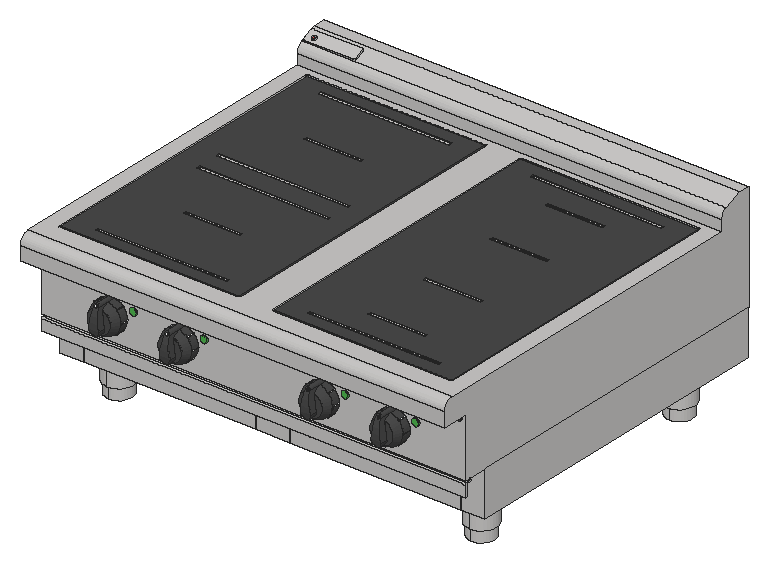
Revit family "QF_Moffat_INL8400R5F-B_Induction Cooktop_cat", category Specialty Equipment, Revit 2019
Family settings
  Round Connector Dimension = Use Diameter
  Part Type = Normal
  Work Plane-Based = No
  Always vertical = Yes
  Cut with Voids When Loaded = No
  Shared = No
  Room Calculation Point = No
Parameters (values of type "IN511F-B")
  Weight in Kilograms = 105
  Watts = 20 W
  Volts = 400 V
  URL Cutsheet = ""
  Specification by User = ""
  Specification by Manufacturer = ""
  Show Logo [instance] = yes
  Serial Number = ""
  Seismic Rating = ""
  SMACNA No = ""
  Revision Code = ""
  Phase = 3
  Number of Poles = 1
  NAFEM Spec ID Number = ""
  Model = "INL8400R5F-B"
  Min Ckt Ampacity = 0 A
  Max Overcurrent Protection = 0 A
  Masterspec = ""
  Manufacturer = "Moffat"
  Length = 900 mm
  Item Number = ""
  Installed By = ""
  Identify Quantity as Lot = yes
  Height = 410 mm
  HP = ""
  Furnished By = ""
  Foodservice Equipment Identifier = yes
  FL Amps = 28 A
  Electrical Remarks = ""
  Electric Connection Type = ""
  Elec Conn RI Height = 0 mm
  Elec Conn Connection Height = 0 mm
  Description = "Induction Cooktop"
  Depth = 805 mm
  Cycle = 50 Hz
  Conn Plug = ""
  Conn Conduit = yes
  CSI MasterFormat = ""
  Apparent Power = if(Phase = 3, Volts * FL Amps * 1.73, Volts * FL Amps)  # 19376 VA
Reference planes
  plane 1 "BACK": y = 0
  plane 2: z = 0
  plane 3 "LEFT": x = 0
  plane 4 "RIGHT": x = 900
  plane 5 "FRONT": y = -805
  plane 6 "TOP": z = 410
  plane 7 "Center Y": x = 450
  plane 8 "Center X": y = -402.5
  plane 9: x = 65.5
  plane 10: y = -30
  plane 11: x = 770
  plane 12: z = 85
  plane 13: y = -100
  plane 14: y = -625
  plane 15: y = -70
  plane 16: z = 355
  plane 17: z = 75
  plane 18: x = 834.5
Forms (mm)
  Extrusion 1, solid, material "QF_Metal_Stainless_Polished"
    sketch origin (0, 0, 0) x (0, 1, 0) y (0, 0, 1)
      loop
        line (0, 180) -> (0, 410) -> (-23.147, 410) -> (-57.632, 395.362)
        arc (-57.632, 395.362) -> (-66.628, 387.88) -> (-70, 376.676) r 20.3
        line (-70, 376.676) -> (-70, 355) -> (-784.417, 355)
        arc (-784.417, 355) -> (-798.971, 348.971) -> (-805, 334.417) r 20.583
        line (-805, 334.417) -> (-805, 305) -> (-749, 305) -> (-749, 180) -> (0, 180)
    from 0 to 900
  Extrusion 2, void
    sketch origin (0, -784.171, 355) x (0, 1, 0) y (-1, 0, 0)
      loop
        arc (699.341, -37.323) -> (697.584, -33.08) -> (693.341, -31.323) r 6
        line (693.341, -31.323) -> (45.245, -31.323)
        arc (45.245, -31.323) -> (41.002, -33.08) -> (39.245, -37.323) r 6
        line (39.245, -37.323) -> (39.245, -410.105)
        arc (39.245, -410.105) -> (41.002, -414.347) -> (45.245, -416.105) r 6
        line (45.245, -416.105) -> (693.341, -416.105)
        arc (693.341, -416.105) -> (697.584, -414.347) -> (699.341, -410.105) r 6
        line (699.341, -410.105) -> (699.341, -37.323)
      loop
        line (699.341, -862.677) -> (699.341, -489.895)
        arc (699.341, -489.895) -> (697.584, -485.653) -> (693.341, -483.895) r 6
        line (693.341, -483.895) -> (45.245, -483.895)
        arc (45.245, -483.895) -> (41.002, -485.653) -> (39.245, -489.895) r 6
        line (39.245, -489.895) -> (39.245, -862.677)
        arc (39.245, -862.677) -> (41.002, -866.92) -> (45.245, -868.677) r 6
        line (45.245, -868.677) -> (693.341, -868.677)
        arc (693.341, -868.677) -> (697.584, -866.92) -> (699.341, -862.677) r 6
    from 0 to -9.5
  Extrusion 3, solid, material "QF_Plastic_Black_Smooth"
    sketch origin (0, -784.171, 355) x (0, 1, 0) y (-1, 0, 0)
      loop
        line (695.341, -410.105) -> (695.341, -37.323)
        arc (695.341, -37.323) -> (694.755, -35.908) -> (693.341, -35.323) r 2
        line (693.341, -35.323) -> (45.245, -35.323)
        arc (45.245, -35.323) -> (43.831, -35.908) -> (43.245, -37.323) r 2
        line (43.245, -37.323) -> (43.245, -410.105)
        arc (43.245, -410.105) -> (43.831, -411.519) -> (45.245, -412.105) r 2
        line (45.245, -412.105) -> (693.341, -412.105)
        arc (693.341, -412.105) -> (694.755, -411.519) -> (695.341, -410.105) r 2
      loop
        line (667.194, -86.598) -> (661.194, -86.598) -> (661.194, -363.75) -> (667.194, -363.75) -> (667.194, -86.598)
      loop
        line (526.611, -163.924) -> (526.611, -283.924) -> (532.611, -283.924) -> (532.611, -163.924) -> (526.611, -163.924)
      loop
        line (398.444, -86.598) -> (392.444, -86.598) -> (392.444, -363.75) -> (398.444, -363.75) -> (398.444, -86.598)
      loop
        line (345.944, -86.598) -> (339.944, -86.598) -> (339.944, -363.75) -> (345.944, -363.75) -> (345.944, -86.598)
      loop
        line (206.611, -163.924) -> (206.611, -283.924) -> (212.611, -283.924) -> (212.611, -163.924) -> (206.611, -163.924)
      loop
        line (77.194, -86.598) -> (71.194, -86.598) -> (71.194, -363.75) -> (77.194, -363.75) -> (77.194, -86.598)
      loop
        arc (695.341, -489.895) -> (694.755, -488.481) -> (693.341, -487.895) r 2
        line (693.341, -487.895) -> (45.245, -487.895)
        arc (45.245, -487.895) -> (43.831, -488.481) -> (43.245, -489.895) r 2
        line (43.245, -489.895) -> (43.245, -862.677)
        arc (43.245, -862.677) -> (43.831, -864.092) -> (45.245, -864.677) r 2
        line (45.245, -864.677) -> (693.341, -864.677)
        arc (693.341, -864.677) -> (694.755, -864.092) -> (695.341, -862.677) r 2
        line (695.341, -862.677) -> (695.341, -489.895)
      loop
        line (667.194, -813.402) -> (667.194, -536.25) -> (661.194, -536.25) -> (661.194, -813.402) -> (667.194, -813.402)
      loop
        line (601.611, -736.076) -> (607.611, -736.076) -> (607.611, -616.076) -> (601.611, -616.076) -> (601.611, -736.076)
      loop
        line (279.111, -736.076) -> (285.111, -736.076) -> (285.111, -616.076) -> (279.111, -616.076) -> (279.111, -736.076)
      loop
        line (77.194, -813.402) -> (77.194, -536.25) -> (71.194, -536.25) -> (71.194, -813.402) -> (77.194, -813.402)
      loop
        line (454.501, -736.076) -> (460.501, -736.076) -> (460.501, -616.076) -> (454.501, -616.076) -> (454.501, -736.076)
      loop
        line (131.211, -736.076) -> (137.211, -736.076) -> (137.211, -616.076) -> (131.211, -616.076) -> (131.211, -736.076)
    from 0 to -9.5
  Extrusion 4, solid, material "QF_Metal_Stainless_Polished"
    sketch origin (0, 0, 40) x (0, 1, 0) y (0, 0, 1)
      loop
        line (-739.467, 140) -> (-738.192, 134.838)
        arc (-738.192, 134.838) -> (-738.307, 134.302) -> (-738.799, 134.063) r 0.625
        line (-738.799, 134.063) -> (-746.111, 134.063)
        arc (-746.111, 134.063) -> (-748.011, 133.276) -> (-748.797, 131.377) r 2.686
        line (-748.797, 131.377) -> (-748.797, 107.627) -> (-747.197, 107.627) -> (-747.197, 131.242)
        arc (-747.197, 131.242) -> (-746.84, 132.105) -> (-745.976, 132.463) r 1.221
        line (-745.976, 132.463) -> (-738.755, 132.463)
        arc (-738.755, 132.463) -> (-737.028, 133.304) -> (-736.625, 135.182) r 2.194
        line (-736.625, 135.182) -> (-737.815, 140) -> (-739.467, 140)
    from 0 to 900
  Extrusion 5, solid, material "QF_Plastic_Black_Smooth"
    sketch origin (0, -749, 181.875) x (0, 0, 1) y (-1, 0, 0)
      loop
        circle (112.843, -13.157) r 5
      loop
        circle (112.843, -886.843) r 5
    from 0 to 1.6
  Extrusion 6, solid, material "QF_Metal_Stainless_Polished"
    sketch origin (450, -699, 85) x (0, 1, 0) y (1, 0, 0)
      loop
        circle (669, 320) r 6.35
    from 0 to 10
  Extrusion 7, solid, material "QF_Metal_Stainless_Polished"
    sketch origin (0, -699, 85) x (1, 0, 0) y (0, -1, 0)
      loop
        line (0, -699) -> (900, -699) -> (900, 0) -> (849.2, 0) -> (849.2, -25.4) -> (485.8, -25.4) -> (485.8, 0) -> (414.2, 0) -> (414.2, -25.4) -> (50.8, -25.4) -> (50.8, 0) -> (0, 0) -> (0, -699)
    from 0 to -95
  Extrusion 8, solid, material "QF_Metal_Stainless_Polished"
    sketch origin (50.8, -30, 85) x (0, 1, 0) y (0, 0, 1)
      loop
        line (-669, 0) -> (-643.6, 0) -> (-643.6, 26.45) -> (-669, 26.45) -> (-669, 0)
      loop
        line (-669, 32.45) -> (-643.6, 32.45) -> (-643.6, 66.4) -> (-669, 66.4) -> (-669, 32.45)
      loop
        line (-669, 67.4) -> (-643.6, 67.4) -> (-643.6, 95) -> (-669, 95) -> (-669, 67.4)
    from 0 to 363.4
  Revolve 9, solid, material "QF_Metal_Stainless_Polished"
    sketch origin (65.5, -4572, -304.8) x (0, 0, -1) y (0, -1, 0)
      loop
        line (-304.8, -4499.5) -> (-304.8, -4472) -> (-389.8, -4472) -> (-389.8, -4503.75) -> (-329.8, -4503.75) -> (-329.8, -4499.5) -> (-304.8, -4499.5)
      axis (-389.8, -4472) -> (-304.8, -4472)
    angle from 0 to 360
  Revolve 10, solid, material "QF_Metal_Stainless_Polished"
    sketch origin (65.5, -4572, -304.8) x (0, 0, -1) y (0, -1, 0)
      loop
        line (-304.8, -3974.5) -> (-304.8, -3947) -> (-389.8, -3947) -> (-389.8, -3978.75) -> (-329.8, -3978.75) -> (-329.8, -3974.5) -> (-304.8, -3974.5)
      axis (-389.8, -3947) -> (-304.8, -3947)
    angle from 0 to 360
  Revolve 11, solid, material "QF_Metal_Stainless_Polished"
    sketch origin (834.5, -4572, -304.8) x (0, 0, -1) y (0, 1, 0)
      loop
        line (-304.8, 4499.5) -> (-329.8, 4499.5) -> (-329.8, 4503.75) -> (-389.8, 4503.75) -> (-389.8, 4472) -> (-304.8, 4472) -> (-304.8, 4499.5)
      axis (-389.8, 4472) -> (-304.8, 4472)
    angle from 0 to 360
  Revolve 12, solid, material "QF_Metal_Stainless_Polished"
    sketch origin (834.5, -4572, -304.8) x (0, 0, -1) y (0, 1, 0)
      loop
        line (-304.8, 3974.5) -> (-329.8, 3974.5) -> (-329.8, 3978.75) -> (-389.8, 3978.75) -> (-389.8, 3947) -> (-304.8, 3947) -> (-304.8, 3974.5)
      axis (-389.8, 3947) -> (-304.8, 3947)
    angle from 0 to 360
  Extrusion 13, solid, material "QF_Metal_Stainless_Polished"
    sketch origin (900, 0, 0) x (-1, 0, 0) y (0, -1, 0)
      loop
        line (536.25, 122.976) -> (536.25, 116.976) -> (813.402, 116.976) -> (813.402, 122.976) -> (536.25, 122.976)
      loop
        line (736.076, 251.56) -> (736.076, 257.56) -> (616.076, 257.56) -> (616.076, 251.56) -> (736.076, 251.56)
      loop
        line (813.402, 385.726) -> (813.402, 391.726) -> (536.25, 391.726) -> (536.25, 385.726) -> (813.402, 385.726)
      loop
        line (813.402, 438.226) -> (813.402, 444.226) -> (536.25, 444.226) -> (536.25, 438.226) -> (813.402, 438.226)
      loop
        line (736.076, 571.56) -> (736.076, 577.56) -> (616.076, 577.56) -> (616.076, 571.56) -> (736.076, 571.56)
      loop
        line (536.25, 712.976) -> (536.25, 706.976) -> (813.402, 706.976) -> (813.402, 712.976) -> (536.25, 712.976)
      loop
        line (86.598, 712.976) -> (86.598, 706.976) -> (363.75, 706.976) -> (363.75, 712.976) -> (86.598, 712.976)
      loop
        line (163.924, 652.959) -> (163.924, 646.959) -> (283.924, 646.959) -> (283.924, 652.959) -> (163.924, 652.959)
      loop
        line (163.924, 505.06) -> (163.924, 499.06) -> (283.924, 499.06) -> (283.924, 505.06) -> (163.924, 505.06)
      loop
        line (163.924, 329.669) -> (163.924, 323.669) -> (283.924, 323.669) -> (283.924, 329.669) -> (163.924, 329.669)
      loop
        line (163.924, 182.56) -> (163.924, 176.56) -> (283.924, 176.56) -> (283.924, 182.56) -> (163.924, 182.56)
      loop
        line (86.598, 122.976) -> (86.598, 116.976) -> (363.75, 116.976) -> (363.75, 122.976) -> (86.598, 122.976)
    from 355 to 345.5
  Extrusion 14, solid, material "QF_Paint_Green"
    sketch origin (63.231, -748.999, 153.75) x (0, 0, 1) y (-1, 0, 0)
      loop
        circle (100.3, -282.5) r 7.15
    from 0 to 1.6
  Extrusion 15, solid, material "QF_Plastic_Black_Smooth"
    sketch origin (75, -748.999, 165.625) x (0, 0, 1) y (-1, 0, 0)
      loop
        circle (112.843, -225) r 5
    from 0 to 1.6
  Extrusion 16, solid, material "QF_Paint_Green"
    sketch origin (-86.769, -748.999, 153.75) x (0, 0, 1) y (-1, 0, 0)
      loop
        circle (100.3, -282.5) r 7.15
    from 0 to 1.6
  Extrusion 17, solid, material "QF_Plastic_Black_Smooth"
    sketch origin (-75, -748.999, 165.625) x (0, 0, 1) y (-1, 0, 0)
      loop
        circle (112.843, -225) r 5
    from 0 to 1.6
  Extrusion 18, solid, material "QF_Paint_Green"
    sketch origin (511.981, -748.999, 153.75) x (0, 0, 1) y (-1, 0, 0)
      loop
        circle (100.3, -282.5) r 7.15
    from 0 to 1.6
  Extrusion 19, solid, material "QF_Plastic_Black_Smooth"
    sketch origin (523.75, -748.999, 165.625) x (0, 0, 1) y (-1, 0, 0)
      loop
        circle (112.843, -225) r 5
    from 0 to 1.6
  Extrusion 20, solid, material "QF_Paint_Green"
    sketch origin (361.981, -748.999, 153.75) x (0, 0, 1) y (-1, 0, 0)
      loop
        circle (100.3, -282.5) r 7.15
    from 0 to 1.6
  Extrusion 21, solid, material "QF_Plastic_Black_Smooth"
    sketch origin (373.75, -748.999, 165.625) x (0, 0, 1) y (-1, 0, 0)
      loop
        circle (112.843, -225) r 5
    from 0 to 1.6
  Extrusion 22, solid, material "QF_Metal_Stainless_Polished"
    sketch origin (849.2, -30, 85) x (0, 1, 0) y (0, 0, -1)
      loop
        line (-669, 0) -> (-669, -26.45) -> (-643.6, -26.45) -> (-643.6, 0) -> (-669, 0)
      loop
        line (-669, -32.45) -> (-669, -66.4) -> (-643.6, -66.4) -> (-643.6, -32.45) -> (-669, -32.45)
      loop
        line (-669, -67.4) -> (-669, -95) -> (-643.6, -95) -> (-643.6, -67.4) -> (-669, -67.4)
    from 0 to 363.4
Cuts and joins
  Extrusion 2 cuts Extrusion 1
Lines and regions (mm)
  symbolic lines
    curve 1: line (0, 0, 0) -> (900, 0, 0)
    curve 2: line (0, -805, 0) -> (0, 0, 0)
    curve 3: line (900, -805, 0) -> (0, -805, 0)
    curve 4: line (900, 0, 0) -> (900, -805, 0)
    curve 5: line (0, -18.182, 0) -> (900, -18.182, 0)
    curve 6: line (0, -70, 0) -> (450, -70, 0)
    curve 7: line (37.323, -84.83, 0) -> (410.105, -84.83, 0)
    curve 8: arc (410.105, -84.83, 0) -> (414.347, -86.587, 0) -> (416.105, -90.83, 0) r 6
    curve 9: line (416.105, -90.83, 0) -> (416.105, -738.926, 0)
    curve 10: arc (416.105, -738.926, 0) -> (414.347, -743.168, 0) -> (410.105, -744.926, 0) r 6
    curve 11: line (410.105, -744.926, 0) -> (37.323, -744.926, 0)
    curve 12: arc (37.323, -744.926, 0) -> (33.08, -743.168, 0) -> (31.323, -738.926, 0) r 6
    curve 13: line (31.323, -738.926, 0) -> (31.323, -90.83, 0)
    curve 14: arc (31.323, -90.83, 0) -> (33.08, -86.587, 0) -> (37.323, -84.83, 0) r 6
    curve 15: line (410.105, -88.83, 0) -> (37.323, -88.83, 0)
    curve 16: arc (37.323, -88.83, 0) -> (35.908, -89.415, 0) -> (35.323, -90.83, 0) r 2
    curve 17: line (35.323, -90.83, 0) -> (35.323, -738.926, 0)
    curve 18: arc (35.323, -738.926, 0) -> (35.908, -740.34, 0) -> (37.323, -740.926, 0) r 2
    curve 19: line (37.323, -740.926, 0) -> (410.105, -740.926, 0)
    curve 20: arc (410.105, -740.926, 0) -> (411.519, -740.34, 0) -> (412.105, -738.926, 0) r 2
    curve 21: line (412.105, -738.926, 0) -> (412.105, -90.83, 0)
    curve 22: arc (412.105, -90.83, 0) -> (411.519, -89.415, 0) -> (410.105, -88.83, 0) r 2
    curve 23: line (416.105, -738.926, 0) -> (416.105, -90.83, 0)
    curve 24: line (412.105, -90.83, 0) -> (412.105, -738.926, 0)
    curve 25: line (862.677, -84.83, 0) -> (489.895, -84.83, 0)
    curve 26: arc (489.895, -84.83, 0) -> (485.653, -86.587, 0) -> (483.895, -90.83, 0) r 6
    curve 27: arc (483.895, -738.926, 0) -> (485.653, -743.168, 0) -> (489.895, -744.926, 0) r 6
    curve 28: line (489.895, -744.926, 0) -> (862.677, -744.926, 0)
    curve 29: arc (862.677, -744.926, 0) -> (866.92, -743.168, 0) -> (868.677, -738.926, 0) r 6
    curve 30: line (868.677, -738.926, 0) -> (868.677, -90.83, 0)
    curve 31: arc (868.677, -90.83, 0) -> (866.92, -86.587, 0) -> (862.677, -84.83, 0) r 6
    curve 32: line (489.895, -88.83, 0) -> (862.677, -88.83, 0)
    curve 33: arc (862.677, -88.83, 0) -> (864.092, -89.415, 0) -> (864.677, -90.83, 0) r 2
    curve 34: line (864.677, -90.83, 0) -> (864.677, -738.926, 0)
    curve 35: arc (864.677, -738.926, 0) -> (864.092, -740.34, 0) -> (862.677, -740.926, 0) r 2
    curve 36: line (862.677, -740.926, 0) -> (489.895, -740.926, 0)
    curve 37: arc (489.895, -740.926, 0) -> (488.481, -740.34, 0) -> (487.895, -738.926, 0) r 2
    curve 38: arc (487.895, -90.83, 0) -> (488.481, -89.415, 0) -> (489.895, -88.83, 0) r 2
    curve 39: line (487.895, -90.83, 0) -> (487.895, -738.926, 0)
    curve 40: arc (487.895, -738.926, 0) -> (488.481, -740.34, 0) -> (489.895, -740.926, 0) r 2
    curve 41: line (489.895, -740.926, 0) -> (862.677, -740.926, 0)
    curve 42: arc (862.677, -740.926, 0) -> (864.092, -740.34, 0) -> (864.677, -738.926, 0) r 2
    curve 43: line (864.677, -738.926, 0) -> (864.677, -90.83, 0)
    curve 44: arc (864.677, -90.83, 0) -> (864.092, -89.415, 0) -> (862.677, -88.83, 0) r 2
    curve 45: line (862.677, -88.83, 0) -> (489.895, -88.83, 0)
    curve 46: arc (489.895, -88.83, 0) -> (488.481, -89.415, 0) -> (487.895, -90.83, 0) r 2
    curve 47: line (483.895, -90.83, 0) -> (483.895, -738.926, 0)
    curve 48: arc (483.895, -738.926, 0) -> (485.653, -743.168, 0) -> (489.895, -744.926, 0) r 6
    curve 49: line (489.895, -744.926, 0) -> (862.677, -744.926, 0)
    curve 50: arc (862.677, -744.926, 0) -> (866.92, -743.168, 0) -> (868.677, -738.926, 0) r 6
    curve 51: line (868.677, -738.926, 0) -> (868.677, -90.83, 0)
    curve 52: arc (868.677, -90.83, 0) -> (866.92, -86.587, 0) -> (862.677, -84.83, 0) r 6
    curve 53: line (862.677, -84.83, 0) -> (489.895, -84.83, 0)
    curve 54: arc (489.895, -84.83, 0) -> (485.653, -86.587, 0) -> (483.895, -90.83, 0) r 6
    curve 55: line (86.598, -122.976, 0) -> (363.75, -122.976, 0)
    curve 56: line (363.75, -122.976, 0) -> (363.75, -116.976, 0)
    curve 57: line (363.75, -116.976, 0) -> (86.598, -116.976, 0)
    curve 58: line (86.598, -116.976, 0) -> (86.598, -122.976, 0)
    curve 59: line (283.924, -251.56, 0) -> (163.924, -251.56, 0)
    curve 60: line (163.924, -251.56, 0) -> (163.924, -257.56, 0)
    curve 61: line (163.924, -257.56, 0) -> (283.924, -257.56, 0)
    curve 62: line (283.924, -257.56, 0) -> (283.924, -251.56, 0)
    curve 63: line (536.25, -122.976, 0) -> (813.402, -122.976, 0)
    curve 64: line (813.402, -122.976, 0) -> (813.402, -116.976, 0)
    curve 65: line (813.402, -116.976, 0) -> (536.25, -116.976, 0)
    curve 66: line (536.25, -116.976, 0) -> (536.25, -122.976, 0)
    curve 67: line (736.076, -176.56, 0) -> (616.076, -176.56, 0)
    curve 68: line (616.076, -176.56, 0) -> (616.076, -182.56, 0)
    curve 69: line (616.076, -182.56, 0) -> (736.076, -182.56, 0)
    curve 70: line (736.076, -182.56, 0) -> (736.076, -176.56, 0)
    curve 71: line (736.076, -323.669, 0) -> (616.076, -323.669, 0)
    curve 72: line (616.076, -323.669, 0) -> (616.076, -329.669, 0)
    curve 73: line (616.076, -329.669, 0) -> (736.076, -329.669, 0)
    curve 74: line (736.076, -329.669, 0) -> (736.076, -323.669, 0)
    curve 75: line (736.076, -499.06, 0) -> (616.076, -499.06, 0)
    curve 76: line (616.076, -499.06, 0) -> (616.076, -505.06, 0)
    curve 77: line (616.076, -505.06, 0) -> (736.076, -505.06, 0)
    curve 78: line (736.076, -505.06, 0) -> (736.076, -499.06, 0)
    curve 79: line (736.076, -646.959, 0) -> (616.076, -646.959, 0)
    curve 80: line (616.076, -646.959, 0) -> (616.076, -652.959, 0)
    curve 81: line (616.076, -652.959, 0) -> (736.076, -652.959, 0)
    curve 82: line (736.076, -652.959, 0) -> (736.076, -646.959, 0)
    curve 83: line (813.402, -706.976, 0) -> (536.25, -706.976, 0)
    curve 84: line (536.25, -706.976, 0) -> (536.25, -712.976, 0)
    curve 85: line (536.25, -712.976, 0) -> (813.402, -712.976, 0)
    curve 86: line (813.402, -712.976, 0) -> (813.402, -706.976, 0)
    curve 87: line (86.598, -712.976, 0) -> (363.75, -712.976, 0)
    curve 88: line (363.75, -712.976, 0) -> (363.75, -706.976, 0)
    curve 89: line (363.75, -706.976, 0) -> (86.598, -706.976, 0)
    curve 90: line (86.598, -706.976, 0) -> (86.598, -712.976, 0)
    curve 91: line (283.924, -577.56, 0) -> (163.924, -577.56, 0)
    curve 92: line (163.924, -577.56, 0) -> (163.924, -571.56, 0)
    curve 93: line (163.924, -571.56, 0) -> (283.924, -571.56, 0)
    curve 94: line (283.924, -571.56, 0) -> (283.924, -577.56, 0)
    curve 95: line (86.598, -444.226, 0) -> (363.75, -444.226, 0)
    curve 96: line (363.75, -444.226, 0) -> (363.75, -438.226, 0)
    curve 97: line (363.75, -438.226, 0) -> (86.598, -438.226, 0)
    curve 98: line (86.598, -438.226, 0) -> (86.598, -444.226, 0)
    curve 99: line (86.598, -391.726, 0) -> (363.75, -391.726, 0)
    curve 100: line (363.75, -391.726, 0) -> (363.75, -385.726, 0)
    curve 101: line (363.75, -385.726, 0) -> (86.598, -385.726, 0)
    curve 102: line (86.598, -385.726, 0) -> (86.598, -391.726, 0)
Dimensions and locks
  equal spacing: plane 3 "LEFT", plane 7 "Center Y", plane 4 "RIGHT"
  "Length": plane 3 "LEFT" to plane 4 "RIGHT"
  equal spacing: plane 5 "FRONT", plane 8 "Center X", plane 1 "BACK"
  "Depth": plane 5 "FRONT" to plane 1 "BACK"
  "Height": plane 6 "TOP" to level
  plane 4 "RIGHT" to plane 3 "LEFT" = 900 mm
  plane 1 "BACK" to plane 5 "FRONT" = 805 mm
  plane 6 "TOP" to plane 2 = 410 mm
  locked: plane 11 to plane 4 "RIGHT" at 130
  plane 1 "BACK" to plane 10 = 30 mm
  plane 1 "BACK" to plane 13 to plane 14 = 100 mm, 525 mm
  plane 1 "BACK" to plane 15 = 70 mm
  plane 16 to level = 355 mm
  level to plane 12 = 85 mm
  plane 17 to level = 75 mm
  plane 11 to plane 4 "RIGHT" = 130 mm
  plane 18 to plane 9 = 769 mm
  locked: plane 4 "RIGHT" to plane 18 at 65.5
  aligned and locked: level to plane 2
  aligned and locked: plane 18 to Revolve 12
  aligned and locked: plane 18 to Revolve 11
  aligned and locked: Extrusion 7 sketch curve to plane 4 "RIGHT"
  aligned and locked: Extrusion 4 to plane 4 "RIGHT"
  aligned and locked: Extrusion 22 to Extrusion 7  (x2)
Automatic sketch dimensions
  Extrusion 4 sketch curve to plane 5 "FRONT" = 56.203 mm
  Extrusion 4 sketch curve to Extrusion 4 sketch curve = 1.6 mm
  Extrusion 4 sketch curve to Extrusion 4 sketch curve = 1.086 mm
  Extrusion 4 sketch curve to Extrusion 4 sketch curve = 0.135 mm  (x2)
  Extrusion 4 sketch curve to Extrusion 4 sketch curve = 6.644 mm
  Extrusion 4 sketch curve to Extrusion 4 sketch curve = 0.668 mm
  Extrusion 4 sketch curve to Extrusion 4 sketch curve = 0.044 mm
  Extrusion 4 sketch curve to Extrusion 4 sketch curve = 0.563 mm
  Extrusion 4 sketch curve to Extrusion 4 sketch curve = 1.652 mm
  Extrusion 4 sketch curve to Extrusion 4 sketch curve = 1.567 mm
  Extrusion 4 sketch curve to plane 12 = 62.627 mm
  Extrusion 4 sketch curve to Extrusion 4 sketch curve = 23.614 mm
  Extrusion 4 sketch curve to Extrusion 4 sketch curve = 0.594 mm
  Extrusion 4 sketch curve to Extrusion 4 sketch curve = 0.032 mm
  Extrusion 4 sketch curve to Extrusion 4 sketch curve = 5.162 mm
  Extrusion 1 to Extrusion 5 sketch curve = 10.282 mm  (x2)
  Extrusion 1 to Extrusion 5 sketch curve = 13.157 mm  (x2)
  plane 12 to Revolve 9 sketch curve = 0 mm
  Revolve 9 sketch curve to level = 0 mm  (x2)
  Revolve 9 sketch curve to plane 13 = 0 mm  (x2)
  plane 15 to Revolve 9 sketch curve = 2.5 mm
  level to Revolve 9 sketch curve = 25 mm
  Revolve 9 sketch curve to plane 15 = 1.75 mm
  Revolve 9 sketch curve to Revolve 9 sketch curve = 25 mm
  plane 12 to Revolve 10 sketch curve = 0 mm
  Revolve 10 sketch curve to level = 0 mm  (x2)
  Revolve 10 sketch curve to plane 14 = 0 mm  (x2)
  level to Revolve 10 sketch curve = 25 mm
  Revolve 10 sketch curve to Revolve 10 sketch curve = 27.5 mm
  Revolve 10 sketch curve to Revolve 10 sketch curve = 31.75 mm
  Revolve 10 sketch curve to Revolve 10 sketch curve = 25 mm
  plane 12 to Revolve 11 sketch curve = 0 mm
  Revolve 11 sketch curve to level = 0 mm  (x2)
  Revolve 11 sketch curve to plane 13 = 0 mm  (x2)
  plane 15 to Revolve 11 sketch curve = 2.5 mm
  Revolve 11 sketch curve to Revolve 11 sketch curve = 25 mm
  Revolve 11 sketch curve to plane 15 = 1.75 mm
  Revolve 11 sketch curve to level = 25 mm
  plane 12 to Revolve 12 sketch curve = 0 mm
  Revolve 12 sketch curve to level = 0 mm  (x2)
  Revolve 12 sketch curve to plane 14 = 0 mm  (x2)
  level to Revolve 12 sketch curve = 25 mm
  Revolve 12 sketch curve to plane 14 = 27.5 mm
  Revolve 12 sketch curve to Revolve 12 sketch curve = 4.25 mm
  Revolve 12 sketch curve to Revolve 12 sketch curve = 25 mm
  Extrusion 16 sketch curve to plane 16 = 100.95 mm
  Extrusion 16 sketch curve to plane 9 = 130.231 mm
  Extrusion 17 sketch curve to plane 16 = 76.532 mm
  Extrusion 17 sketch curve to plane 9 = 84.5 mm
  Extrusion 18 sketch curve to plane 11 = 24.481 mm
  Extrusion 18 sketch curve to plane 16 = 100.95 mm
  Extrusion 19 sketch curve to plane 16 = 76.532 mm
  plane 11 to Extrusion 19 sketch curve = 21.25 mm
  plane 12 to Extrusion 22 sketch curve = 0 mm
  plane 14 to Extrusion 22 sketch curve = 74 mm
  Extrusion 22 sketch curve to Extrusion 22 sketch curve = 0 mm  (x4)
  Extrusion 22 sketch curve to Extrusion 22 sketch curve = 25.4 mm
  Extrusion 22 sketch curve to plane 12 = 26.45 mm
  Extrusion 22 sketch curve to Extrusion 22 sketch curve = 6 mm
  Extrusion 22 sketch curve to Extrusion 22 sketch curve = 33.95 mm
  Extrusion 22 sketch curve to Extrusion 22 sketch curve = 1 mm
  Extrusion 22 sketch curve to Extrusion 22 sketch curve = 27.6 mm
  curve 8 to curve 22 = 0 mm
  curve 10 to curve 20 = 0 mm  (x2)
  curve 12 to curve 18 = 0 mm  (x2)
  curve 14 to curve 16 = 0 mm  (x2)
  curve 26 to curve 38 = 0 mm  (x2)
  curve 27 to curve 37 = 0 mm
  curve 29 to curve 35 = 0 mm  (x2)
  curve 31 to curve 33 = 0 mm  (x2)
  plane 1 "BACK" to curve 1 = 0 mm
  curve 1 to plane 3 "LEFT" = 0 mm
  curve 6 to plane 7 "Center Y" = 0 mm
  curve 4 to plane 4 "RIGHT" = 0 mm
  plane 5 "FRONT" to curve 3 = 0 mm
  plane 15 to curve 6 = 0 mm
  plane 3 "LEFT" to curve 13 = 31.323 mm
  curve 13 to curve 17 = 4 mm
  curve 17 to curve 16 = 2 mm
  curve 17 to curve 18 = 2 mm
  curve 22 to plane 13 = 9.17 mm
  curve 22 to plane 7 "Center Y" = 39.895 mm
  curve 11 to plane 7 "Center Y" = 39.895 mm
  curve 8 to curve 21 = 2 mm
  plane 15 to curve 25 = 14.83 mm
  plane 7 "Center Y" to curve 25 = 39.895 mm
  plane 18 to curve 29 = 28.177 mm
  plane 18 to curve 25 = 28.177 mm
  curve 29 to curve 34 = 2 mm
  curve 33 to curve 30 = 4 mm
  curve 28 to plane 5 "FRONT" = 60.074 mm
  curve 11 to plane 5 "FRONT" = 60.074 mm
  curve 36 to curve 27 = 2 mm
  curve 26 to curve 32 = 2 mm
  curve 5 to plane 10 = 11.818 mm
  Extrusion 7 to Extrusion 6 sketch curve = 30 mm
  Extrusion 6 sketch curve to Extrusion 7 = 79.2 mm
  Extrusion 7 sketch curve to plane 3 "LEFT" = 0 mm
  plane 1 "BACK" to Extrusion 7 sketch curve = 0 mm
  plane 9 to Extrusion 7 sketch curve = 14.7 mm
  Extrusion 7 sketch curve to plane 7 "Center Y" = 35.8 mm
  plane 7 "Center Y" to Extrusion 7 sketch curve = 35.8 mm
  plane 18 to Extrusion 7 sketch curve = 14.7 mm
  plane 14 to Extrusion 7 sketch curve = 48.6 mm  (x2)
  Extrusion 7 sketch curve to Extrusion 7 sketch curve = 25.4 mm  (x3)
  Extrusion 8 sketch curve to Extrusion 7 = 0 mm  (x8)
  Extrusion 7 to Extrusion 8 sketch curve = 26.45 mm
  Extrusion 8 sketch curve to Extrusion 8 sketch curve = 6 mm
  Extrusion 7 to Extrusion 8 sketch curve = 28.6 mm
  Extrusion 8 sketch curve to Extrusion 8 sketch curve = 1 mm
  Extrusion 14 sketch curve to plane 7 "Center Y" = 104.269 mm
  Extrusion 14 sketch curve to plane 16 = 100.95 mm
  Extrusion 15 sketch curve to plane 16 = 76.532 mm
  Extrusion 15 sketch curve to plane 7 "Center Y" = 150 mm
  Extrusion 20 sketch curve to plane 16 = 100.95 mm
  plane 7 "Center Y" to Extrusion 20 sketch curve = 194.481 mm
  Extrusion 21 sketch curve to plane 16 = 76.532 mm
  plane 7 "Center Y" to Extrusion 21 sketch curve = 148.75 mm
  Extrusion 2 sketch curve to Extrusion 1 = 39.492 mm  (x2)
  Extrusion 2 sketch curve to Extrusion 2 sketch curve = 6 mm  (x6)
  Extrusion 1 to Extrusion 2 sketch curve = 20.83 mm  (x4)
  Extrusion 1 to Extrusion 2 sketch curve = 31.323 mm
  Extrusion 2 sketch curve to Extrusion 2 sketch curve = 372.782 mm
  Extrusion 2 sketch curve to Extrusion 2 sketch curve = 67.791 mm
  Extrusion 1 to Extrusion 2 sketch curve = 37.323 mm
  Extrusion 3 sketch curve to Extrusion 1 = 43.492 mm  (x2)
  Extrusion 3 sketch curve to Extrusion 3 sketch curve = 2 mm  (x6)
  Extrusion 3 sketch curve to Extrusion 3 sketch curve = 25.949 mm  (x2)
  Extrusion 3 sketch curve to Extrusion 3 sketch curve = 6 mm  (x12)
  Extrusion 3 sketch curve to Extrusion 3 sketch curve = 54.017 mm
  Extrusion 3 sketch curve to Extrusion 3 sketch curve = 129.416 mm
  Extrusion 3 sketch curve to Extrusion 3 sketch curve = 141.899 mm
  Extrusion 3 sketch curve to Extrusion 3 sketch curve = 127.334 mm
  Extrusion 3 sketch curve to Extrusion 3 sketch curve = 46.5 mm
  Extrusion 3 sketch curve to Extrusion 3 sketch curve = 169.391 mm
  Extrusion 3 sketch curve to Extrusion 3 sketch curve = 128.166 mm
  Extrusion 1 to Extrusion 3 sketch curve = 112.56 mm
  Extrusion 1 to Extrusion 3 sketch curve = 52.976 mm  (x2)
  Extrusion 1 to Extrusion 3 sketch curve = 20.83 mm  (x4)
  Extrusion 1 to Extrusion 3 sketch curve = 35.323 mm
  Extrusion 3 sketch curve to Extrusion 3 sketch curve = 49.275 mm  (x2)
  Extrusion 3 sketch curve to Extrusion 3 sketch curve = 77.326 mm  (x2)
  Extrusion 1 to Extrusion 3 sketch curve = 163.924 mm
  Extrusion 3 sketch curve to Extrusion 3 sketch curve = 0 mm  (x3)
  Extrusion 3 sketch curve to Extrusion 3 sketch curve = 120 mm  (x6)
  Extrusion 3 sketch curve to Extrusion 3 sketch curve = 79.826 mm  (x4)
  Extrusion 3 sketch curve to Extrusion 3 sketch curve = 46.355 mm  (x3)
  Extrusion 3 sketch curve to Extrusion 3 sketch curve = 75.791 mm
  Extrusion 3 sketch curve to Extrusion 3 sketch curve = 252.326 mm
  Extrusion 1 to Extrusion 3 sketch curve = 86.598 mm  (x3)
  Extrusion 1 to Extrusion 3 sketch curve = 37.323 mm
  Extrusion 13 sketch curve to plane 13 = 22.976 mm
  plane 7 "Center Y" to Extrusion 13 sketch curve = 86.25 mm  (x3)
  plane 9 to Extrusion 13 sketch curve = 21.098 mm  (x4)
  Extrusion 13 sketch curve to Extrusion 13 sketch curve = 6 mm  (x11)
  Extrusion 13 sketch curve to Extrusion 13 sketch curve = 79.826 mm  (x3)
  plane 9 to Extrusion 13 sketch curve = 98.424 mm  (x2)
  Extrusion 13 sketch curve to Extrusion 13 sketch curve = 128.584 mm
  Extrusion 13 sketch curve to plane 8 "Center X" = 16.774 mm
  Extrusion 13 sketch curve to Extrusion 13 sketch curve = 0 mm
  plane 8 "Center X" to Extrusion 13 sketch curve = 35.726 mm
  plane 14 to Extrusion 13 sketch curve = 53.44 mm
  plane 14 to Extrusion 13 sketch curve = 47.44 mm
  Extrusion 13 sketch curve to plane 14 = 81.976 mm
  Extrusion 13 sketch curve to plane 7 "Center Y" = 86.25 mm  (x2)
  plane 18 to Extrusion 13 sketch curve = 21.098 mm  (x2)
  Extrusion 13 sketch curve to plane 14 = 87.976 mm
  Extrusion 13 sketch curve to plane 11 = 33.924 mm  (x4)
  Extrusion 13 sketch curve to plane 14 = 27.959 mm
  Extrusion 13 sketch curve to Extrusion 13 sketch curve = 120 mm  (x3)
  plane 8 "Center X" to Extrusion 13 sketch curve = 102.56 mm
  Extrusion 13 sketch curve to plane 8 "Center X" = 72.831 mm
  Extrusion 13 sketch curve to plane 13 = 82.56 mm
  Extrusion 13 sketch curve to plane 13 = 16.976 mm
  curve 57 to plane 9 = 21.098 mm
  plane 13 to curve 56 = 22.976 mm
  curve 56 to curve 8 = 46.355 mm
  curve 55 to curve 56 = 6 mm
  curve 60 to plane 9 = 98.424 mm
  curve 59 to curve 62 = 120 mm
  plane 8 "Center X" to curve 62 = 144.94 mm
  curve 60 to curve 59 = 6 mm
  plane 13 to curve 65 = 16.976 mm
  curve 46 to curve 65 = 46.355 mm
  curve 63 to plane 18 = 21.098 mm
  curve 63 to curve 65 = 6 mm
  curve 63 to curve 69 = 79.826 mm
  plane 11 to curve 69 = 33.924 mm
  plane 13 to curve 69 = 82.56 mm
  curve 69 to curve 70 = 6 mm
  plane 8 "Center X" to curve 72 = 72.831 mm
  curve 72 to curve 68 = 0 mm
  plane 11 to curve 74 = 33.924 mm
  curve 72 to curve 71 = 6 mm
  plane 11 to curve 75 = 153.924 mm
  plane 11 to curve 75 = 33.924 mm
  curve 78 to plane 8 "Center X" = 102.56 mm
  curve 77 to curve 75 = 6 mm
  plane 14 to curve 80 = 21.959 mm
  curve 80 to curve 76 = 0 mm
  plane 11 to curve 82 = 33.924 mm
  curve 82 to curve 79 = 6 mm
  curve 27 to curve 85 = 46.355 mm
  curve 86 to plane 18 = 21.098 mm
  curve 29 to curve 85 = 25.949 mm
  curve 84 to curve 84 = 6 mm
  curve 87 to plane 9 = 21.098 mm
  curve 89 to curve 10 = 46.355 mm
  curve 18 to curve 87 = 25.949 mm
  curve 87 to curve 90 = 6 mm
  curve 91 to plane 14 = 47.44 mm
  curve 91 to plane 9 = 98.424 mm
  curve 91 to curve 91 = 120 mm
  curve 91 to curve 93 = 6 mm
  curve 98 to plane 9 = 21.098 mm
  curve 97 to plane 8 "Center X" = 35.726 mm
  curve 97 to plane 7 "Center Y" = 86.25 mm
  curve 96 to curve 96 = 6 mm
  curve 102 to plane 9 = 21.098 mm
  plane 8 "Center X" to curve 99 = 10.774 mm
  curve 99 to curve 96 = 0 mm
  curve 99 to curve 100 = 6 mm
  Extrusion 1 sketch curve to plane 5 "FRONT" = 0 mm
  Extrusion 1 sketch curve to plane 16 = 0 mm
  Extrusion 1 sketch curve to plane 15 = 0 mm
  Extrusion 1 sketch curve to plane 6 "TOP" = 0 mm
  Extrusion 1 sketch curve to plane 1 "BACK" = 0 mm
  Extrusion 1 sketch curve to Extrusion 1 sketch curve = 20.583 mm
  Extrusion 1 sketch curve to Extrusion 1 sketch curve = 35.417 mm
  Extrusion 1 sketch curve to plane 15 = 12.368 mm
  Extrusion 1 sketch curve to Extrusion 1 sketch curve = 7.932 mm
  Extrusion 1 sketch curve to plane 10 = 6.853 mm
  Extrusion 1 sketch curve to Extrusion 1 sketch curve = 29.417 mm
  Extrusion 1 sketch curve to plane 12 = 95 mm
  plane 16 to Extrusion 1 sketch curve = 21.676 mm
  radius of Extrusion 5 sketch curve = 5 mm  (x2)
  radius of Extrusion 16 sketch curve = 7.15 mm
  radius of Extrusion 17 sketch curve = 5 mm
  radius of Extrusion 18 sketch curve = 7.15 mm
  radius of Extrusion 19 sketch curve = 5 mm
  radius of Extrusion 6 sketch curve = 6.35 mm
  radius of Extrusion 14 sketch curve = 7.15 mm
  radius of Extrusion 15 sketch curve = 5 mm
  radius of Extrusion 20 sketch curve = 7.15 mm
  radius of Extrusion 21 sketch curve = 5 mm
Nested families
  nested 1: "Knob" at (267.5, -739.499, 200.75), type "Knob"
  nested 2: "Knob" at (117.5, -739.499, 200.75), type "Knob"
  nested 3: "Knob" at (716.25, -739.499, 200.75), type "Knob"
  nested 4: "Knob" at (566.25, -739.499, 200.75), type "Knob"
  nested 5: "QF_LOGO_Waldorf1" at (2, -56.925, 395.662), visible <- "Show Logo", type "QF_LOGO_Waldorf 2"
Connectors
  electrical at (770, -30, 75), driven by "Volts", driven by "Watts"
    settings: on Extrusion 6, index 3, voltage 400 V, apparent load 20 VA, apparent load phase1 0 VA, apparent load phase2 0 VA, apparent load phase3 0 VA, power factor 1, load classification "Other", number of poles 1, system type 30, power factor state 1, is connector primary yes, connector utility no, sub classification motor no, connector description "ELECTRICAL CONNECTION"
Definition of nested family "Knob"
  Parameters (values of type "Knob")
    Weight in Pounds = 0
    URL Cutsheet = ""
    Specification by User = ""
    Specification by Manufacturer = ""
    Serial Number = ""
    Seismic Rating = ""
    SMACNA No = ""
    Revision Code = ""
    NAFEM Spec ID Number = ""
    Masterspec = ""
    Length = 65 mm
    Item Number = ""
    Installed By = ""
    Identify Quantity as Lot = yes
    Height = 69.5 mm
    Furnished By = ""
    Foodservice Equipment Identifier = yes
    Depth = 59 mm
    CSI MasterFormat = ""
  Reference planes
    plane 1 "BACK": y = 0
    plane 2: z = 0
    plane 3 "LEFT": x = 0
    plane 4 "RIGHT": x = 65
    plane 5 "FRONT": y = -59
    plane 6 "TOP": z = 69.5
    plane 7 "Center Y": x = 32.5
    plane 8 "Center X": y = -29.5
  Forms (mm)
    Revolve 1, solid
      sketch origin (32.5, 175.397, 1219.2) x (0, 1, 0) y (0, 0, 1)
        loop
          line (-175.397, -1186.7) -> (-219.397, -1186.7) -> (-219.397, -1211.501) -> (-202.106, -1219.2) -> (-185.397, -1219.2) -> (-185.397, -1191.7) -> (-175.397, -1191.7) -> (-175.397, -1186.7)
        axis (-219.397, -1186.7) -> (-175.397, -1186.7)
      angle from 0 to 360
    Extrusion 2, solid
      sketch origin (32.5, 175.397, 1219.2) x (0, 1, 0) y (0, 0, 1)
        loop
          line (-202.106, -1154.2) -> (-185.397, -1154.2) -> (-185.397, -1149.7) -> (-224.105, -1149.7)
          arc (-224.105, -1149.7) -> (-233.965, -1178.467) -> (-230.696, -1208.7) r 70
          line (-230.696, -1208.7) -> (-219.397, -1208.7) -> (-219.397, -1161.899) -> (-202.106, -1154.2)
      from -15 to 15
    Extrusion 3, void
      sketch origin (0, 0, 0) x (1, 0, 0) y (0, 0, 1)
        loop
          line (27.501, 64.613) -> (22.02, 20.585)
          arc (22.02, 20.585) -> (32.792, 10.488) -> (42.986, 21.169) r 10.487
          line (42.986, 21.169) -> (37.499, 64.613)
          arc (37.499, 64.613) -> (32.5, 69.5) -> (27.501, 64.613) r 5
        loop
          line (10, 72.977) -> (10, 5.625) -> (55, 5.625) -> (55, 72.977) -> (10, 72.977)
      from 6.142 to 69.687
    Extrusion 4, solid
      sketch origin (0, -34.115, -16.916) x (1, 0, 0) y (0, 0.45399, 0.891007)
        loop
          circle (32.497, 65) r 2
      from 51.525 to 53.075
    Extrusion 5, solid
      sketch origin (32.5, -10, 32.5) x (0, 0, -1) y (-1, 0, 0)
        loop
          line (-23.54, -22.408) -> (-24.106, -22.974)
          arc (-24.106, -22.974) -> (-23.547, -23.547) -> (-22.974, -24.106) r 33.3
          line (-22.974, -24.106) -> (-22.408, -23.54)
          arc (-22.408, -23.54) -> (-22.981, -22.981) -> (-23.54, -22.408) r 32.5
        loop
          arc (-0.8, -33.29) -> (0, -33.3) -> (0.8, -33.29) r 33.3
          line (0.8, -33.29) -> (0.8, -32.49)
          arc (0.8, -32.49) -> (0, -32.5) -> (-0.8, -32.49) r 32.5
          line (-0.8, -32.49) -> (-0.8, -33.29)
        loop
          arc (23.54, -22.408) -> (22.981, -22.981) -> (22.408, -23.54) r 32.5
          line (22.408, -23.54) -> (22.974, -24.106)
          arc (22.974, -24.106) -> (23.547, -23.547) -> (24.106, -22.974) r 33.3
          line (24.106, -22.974) -> (23.54, -22.408)
        loop
          arc (-23.54, 22.408) -> (-22.981, 22.981) -> (-22.408, 23.54) r 32.5
          line (-22.408, 23.54) -> (-22.974, 24.106)
          arc (-22.974, 24.106) -> (-23.547, 23.547) -> (-24.106, 22.974) r 33.3
          line (-24.106, 22.974) -> (-23.54, 22.408)
        loop
          line (-0.8, 33.29) -> (-0.8, 32.49)
          arc (-0.8, 32.49) -> (0, 32.5) -> (0.8, 32.49) r 32.5
          line (0.8, 32.49) -> (0.8, 33.29)
          arc (0.8, 33.29) -> (0, 33.3) -> (-0.8, 33.29) r 33.3
        loop
          line (32.49, -0.8) -> (33.29, -0.8)
          arc (33.29, -0.8) -> (33.3, 0) -> (33.29, 0.8) r 33.3
          line (33.29, 0.8) -> (32.49, 0.8)
          arc (32.49, 0.8) -> (32.5, 0) -> (32.49, -0.8) r 32.5
        loop
          arc (24.106, 22.974) -> (23.547, 23.547) -> (22.974, 24.106) r 33.3
          line (22.974, 24.106) -> (22.408, 23.54)
          arc (22.408, 23.54) -> (22.981, 22.981) -> (23.54, 22.408) r 32.5
          line (23.54, 22.408) -> (24.106, 22.974)
      from 0 to -16.709
  Cuts and joins
    Extrusion 3 cuts Extrusion 2
  Dimensions and locks
    equal spacing: plane 3 "LEFT", plane 7 "Center Y", plane 4 "RIGHT"
    "Length": plane 3 "LEFT" to plane 4 "RIGHT"
    equal spacing: plane 5 "FRONT", plane 8 "Center X", plane 1 "BACK"
    "Depth": plane 5 "FRONT" to plane 1 "BACK"
    "Height": plane 6 "TOP" to level
    plane 4 "RIGHT" to plane 3 "LEFT" = 65 mm
    aligned and locked: level to plane 2
  Automatic sketch dimensions
    Revolve 1 sketch curve to level = 0 mm
    Revolve 1 sketch curve to plane 1 "BACK" = 0 mm  (x2)
    plane 1 "BACK" to Revolve 1 sketch curve = 10 mm
    plane 8 "Center X" to Revolve 1 sketch curve = 2.791 mm
    Revolve 1 sketch curve to plane 8 "Center X" = 14.5 mm
    level to Revolve 1 sketch curve = 7.699 mm
    level to Revolve 1 sketch curve = 27.5 mm
    Revolve 1 sketch curve to Revolve 1 sketch curve = 5 mm
    Revolve 1 sketch curve to Revolve 1 sketch curve = 35 mm
    Revolve 1 sketch curve to Revolve 1 sketch curve = 0 mm
    Extrusion 2 sketch curve to plane 6 "TOP" = 0 mm
    Extrusion 2 sketch curve to plane 5 "FRONT" = 3.702 mm
    Extrusion 2 sketch curve to plane 5 "FRONT" = 10.293 mm
    Extrusion 2 sketch curve to Extrusion 2 sketch curve = 11.298 mm
    plane 8 "Center X" to Extrusion 2 sketch curve = 2.791 mm
    plane 1 "BACK" to Extrusion 2 sketch curve = 10 mm
    Extrusion 2 sketch curve to plane 1 "BACK" = 11 mm
    Extrusion 2 sketch curve to plane 6 "TOP" = 4.5 mm
    Extrusion 2 sketch curve to plane 6 "TOP" = 12.199 mm
    level to Extrusion 2 sketch curve = 32.962 mm
    level to Extrusion 3 sketch curve = 5.625 mm
    Extrusion 3 sketch curve to plane 7 "Center Y" = 0 mm  (x2)
    Extrusion 3 sketch curve to plane 7 "Center Y" = 4.999 mm
    Extrusion 3 sketch curve to plane 7 "Center Y" = 10.48 mm
    plane 6 "TOP" to Extrusion 3 sketch curve = 3.477 mm
    plane 3 "LEFT" to Extrusion 3 sketch curve = 10 mm
    Extrusion 3 sketch curve to plane 6 "TOP" = 4.887 mm
    Extrusion 3 sketch curve to Extrusion 3 sketch curve = 4.999 mm
    plane 7 "Center Y" to Extrusion 3 sketch curve = 10.486 mm
    level to Extrusion 3 sketch curve = 20.585 mm
    Extrusion 3 sketch curve to Extrusion 3 sketch curve = 0.387 mm
    Extrusion 3 sketch curve to Extrusion 3 sketch curve = 0.113 mm
    plane 4 "RIGHT" to Extrusion 3 sketch curve = 10 mm
    Extrusion 5 sketch curve to Revolve 1 = 32.49 mm
    Revolve 1 to Extrusion 5 sketch curve = 32.49 mm
    Extrusion 5 sketch curve to Revolve 1 = 23.54 mm  (x2)
    Revolve 1 to Extrusion 5 sketch curve = 23.54 mm  (x2)
    Extrusion 5 sketch curve to Revolve 1 = 24.106 mm  (x2)
    Revolve 1 to Extrusion 5 sketch curve = 24.106 mm  (x2)
    Revolve 1 to Extrusion 5 sketch curve = 22.408 mm  (x2)
    Extrusion 5 sketch curve to Revolve 1 = 22.408 mm  (x2)
    Revolve 1 to Extrusion 5 sketch curve = 22.974 mm  (x2)
    Extrusion 5 sketch curve to Revolve 1 = 22.974 mm  (x2)
    Extrusion 5 sketch curve to Extrusion 5 sketch curve = 1.6 mm  (x2)
    Revolve 1 to Extrusion 5 sketch curve = 0.8 mm
    Extrusion 5 sketch curve to Revolve 1 = 0.8 mm
    Extrusion 4 sketch curve to plane 7 "Center Y" = 0.003 mm
    radius of Extrusion 5 sketch curve to Revolve 1 = 0 mm  (x7)
    radius of Revolve 1 to Extrusion 5 sketch curve = 0.8 mm  (x7)
    radius of Extrusion 4 sketch curve = 2 mm
Definition of nested family "QF_LOGO_Waldorf1"
  Parameters (values of type "QF_LOGO_Waldorf")
    Weight in Pounds = 0
    URL Cutsheet = ""
    Specification by User = ""
    Specification by Manufacturer = ""
    Serial Number = ""
    Seismic Rating = ""
    SMACNA No = ""
    Revision Code = ""
    NAFEM Spec ID Number = ""
    Masterspec = ""
    Length = 138 mm
    Item Number = ""
    Installed By = ""
    Identify Quantity as Lot = yes
    Height = 26.711 mm
    Furnished By = ""
    Foodservice Equipment Identifier = yes
    Depth = 3.175 mm
    CSI MasterFormat = ""
  Reference planes
    plane 1 "BACK": y = 0
    plane 2: z = 0
    plane 3 "LEFT": x = 0
    plane 4 "RIGHT": x = 138
    plane 5 "FRONT": y = -3.175
    plane 6 "TOP": z = 26.711
    plane 7 "Center Y": x = 69
    plane 8 "Center X": y = -1.587
  Forms (mm)
    Extrusion 1, solid
      sketch origin (0, 0, 0) x (1, 0, 0) y (0, 0.920505, 0.390731)
        loop
          line (109, 3.464) -> (109, 23.247)
          spline (109, 23.247) -> (108.966, 23.699) -> (108.864, 24.143) -> (108.696, 24.572) -> (108.464, 24.979) -> (108.173, 25.355) -> (107.828, 25.696) -> (107.435, 25.995) -> (107, 26.247) -> (106.531, 26.447) -> (106.035, 26.593) -> (105.522, 26.681) -> (105, 26.711)
          line (105, 26.711) -> (4, 26.711)
          spline (4, 26.711) -> (3.478, 26.681) -> (2.965, 26.593) -> (2.469, 26.447) -> (2, 26.247) -> (1.565, 25.995) -> (1.172, 25.696) -> (0.827, 25.355) -> (0.536, 24.979) -> (0.304, 24.572) -> (0.136, 24.143) -> (0.034, 23.699) -> (0, 23.247)
          line (0, 23.247) -> (0, 3.464)
          spline (0, 3.464) -> (0.034, 3.012) -> (0.136, 2.568) -> (0.304, 2.138) -> (0.536, 1.732) -> (0.827, 1.355) -> (1.172, 1.015) -> (1.565, 0.716) -> (2, 0.464) -> (2.469, 0.264) -> (2.965, 0.118) -> (3.478, 0.03) -> (4, 0)
          line (4, 0) -> (105, 0)
          spline (105, 0) -> (105.522, 0.03) -> (106.035, 0.118) -> (106.531, 0.264) -> (107, 0.464) -> (107.435, 0.716) -> (107.828, 1.015) -> (108.173, 1.355) -> (108.464, 1.732) -> (108.696, 2.138) -> (108.864, 2.568) -> (108.966, 3.012) -> (109, 3.464)
        loop
          line (14.75, 7.005) -> (14.75, 15.654)
          arc (14.75, 15.654) -> (10.425, 11.329) -> (14.75, 7.005) r 4.325
        loop
          line (15.25, 15.654) -> (15.25, 7.005)
          arc (15.25, 7.005) -> (19.575, 11.329) -> (15.25, 15.654) r 4.325
      from 0 to 3.2
    Extrusion 2, solid
      sketch origin (0, 0, 0) x (1, 0, 0) y (0, 0.920505, 0.390731)
        loop
          line (15.25, 15.654) -> (15.25, 7.005)
          arc (15.25, 7.005) -> (19.575, 11.329) -> (15.25, 15.654) r 4.325
      from 0 to 3.2
    Extrusion 3, solid
      sketch origin (16.271, 0, 0) x (-1, 0, 0) y (0, -0.920505, -0.390731)
        loop
          arc (1.521, -15.654) -> (5.846, -11.329) -> (1.521, -7.005) r 4.325
          line (1.521, -7.005) -> (1.521, -15.654)
      from 0 to 3.2
  Lines and regions (mm)
    Split face 1
      outline origin (0, -1.25, 2.946) x (1, 0, 0) y (0, 0.920505, 0.390731)
        loop
          spline (22.129, 16.975) -> (22.389, 15.984) -> (22.649, 15.002) -> (22.91, 14.028) -> (23.172, 13.065) -> (23.433, 12.11) -> (23.695, 11.166) -> (23.956, 10.232) -> (24.218, 9.308) -> (24.479, 8.396) -> (24.74, 7.495) -> (25, 6.605) -> (25.26, 5.728)
          line (25.26, 5.728) -> (29.463, 5.728)
          spline (29.463, 5.728) -> (29.582, 6.252) -> (29.701, 6.78) -> (29.82, 7.313) -> (29.939, 7.85) -> (30.058, 8.391) -> (30.178, 8.936) -> (30.297, 9.485) -> (30.416, 10.038) -> (30.536, 10.594) -> (30.655, 11.155) -> (30.775, 11.719) -> (30.894, 12.287)
          spline (30.894, 12.287) -> (31.018, 11.719) -> (31.142, 11.155) -> (31.266, 10.594) -> (31.39, 10.038) -> (31.514, 9.485) -> (31.638, 8.936) -> (31.762, 8.391) -> (31.885, 7.85) -> (32.009, 7.313) -> (32.133, 6.78) -> (32.256, 6.252) -> (32.379, 5.728)
          line (32.379, 5.728) -> (36.51, 5.728)
          spline (36.51, 5.728) -> (36.766, 6.605) -> (37.023, 7.495) -> (37.28, 8.396) -> (37.538, 9.308) -> (37.795, 10.232) -> (38.053, 11.166) -> (38.311, 12.11) -> (38.569, 13.065) -> (38.826, 14.028) -> (39.083, 15.002) -> (39.34, 15.984) -> (39.597, 16.975)
          line (39.597, 16.975) -> (35.637, 16.975)
          spline (35.637, 16.975) -> (35.523, 16.334) -> (35.41, 15.697) -> (35.296, 15.063) -> (35.182, 14.433) -> (35.068, 13.807) -> (34.954, 13.185) -> (34.84, 12.566) -> (34.726, 11.952) -> (34.612, 11.342) -> (34.497, 10.737) -> (34.383, 10.135) -> (34.269, 9.538)
          spline (34.269, 9.538) -> (34.138, 10.135) -> (34.008, 10.737) -> (33.877, 11.342) -> (33.746, 11.952) -> (33.616, 12.566) -> (33.485, 13.185) -> (33.354, 13.807) -> (33.224, 14.433) -> (33.093, 15.063) -> (32.963, 15.697) -> (32.833, 16.334) -> (32.703, 16.975)
          line (32.703, 16.975) -> (29.247, 16.975)
          spline (29.247, 16.975) -> (29.111, 16.334) -> (28.974, 15.697) -> (28.837, 15.063) -> (28.7, 14.433) -> (28.562, 13.807) -> (28.425, 13.185) -> (28.288, 12.566) -> (28.15, 11.952) -> (28.013, 11.342) -> (27.875, 10.737) -> (27.738, 10.135) -> (27.6, 9.538)
          spline (27.6, 9.538) -> (27.483, 10.135) -> (27.366, 10.737) -> (27.249, 11.342) -> (27.132, 11.952) -> (27.015, 12.566) -> (26.897, 13.185) -> (26.78, 13.807) -> (26.663, 14.433) -> (26.546, 15.063) -> (26.43, 15.697) -> (26.313, 16.334) -> (26.196, 16.975)
          line (26.196, 16.975) -> (22.129, 16.975)
    Split face 2
      outline origin (0, -1.25, 2.946) x (1, 0, 0) y (0, 0.920505, 0.390731)
        loop
          line (51.449, 5.728) -> (51.035, 6.606) -> (51.035, 11.169)
          spline (51.035, 11.169) -> (50.686, 12.42) -> (50.176, 13.224) -> (49.51, 13.708) -> (48.693, 13.995) -> (47.747, 14.152) -> (46.698, 14.207) -> (45.579, 14.186) -> (44.419, 14.114) -> (43.279, 13.929) -> (42.249, 13.481) -> (41.424, 12.614) -> (40.897, 11.169)
          line (40.897, 11.169) -> (44.617, 11.169) -> (44.988, 11.965)
          spline (44.988, 11.965) -> (47.294, 11.682) -> (46.856, 10.932) -> (45.527, 10.609) -> (43.858, 10.439) -> (42.259, 10.123) -> (41.078, 9.417) -> (40.563, 8.246) -> (40.689, 6.989) -> (41.407, 6.052) -> (42.774, 5.536) -> (44.847, 5.497) -> (47.306, 6.602)
          line (47.306, 6.602) -> (47.624, 5.728) -> (51.449, 5.728)
    Split face 3
      outline origin (0, -1.25, 2.946) x (1, 0, 0) y (0, 0.920505, 0.390731)
        loop
          line (47.264, 9.264) -> (44.938, 8.597)
          spline (44.938, 8.597) -> (44.508, 8.228) -> (44.402, 7.9) -> (44.548, 7.626) -> (44.877, 7.42) -> (45.317, 7.295) -> (45.797, 7.265) -> (46.252, 7.342) -> (46.65, 7.525) -> (46.971, 7.813) -> (47.194, 8.201) -> (47.298, 8.685) -> (47.264, 9.264)
    Split face 4
      outline origin (0, -1.25, 2.946) x (1, 0, 0) y (0, 0.920505, 0.390731)
        loop
          line (53.33, 16.975) -> (53.33, 5.728) -> (57.173, 5.728) -> (57.173, 16.975) -> (53.33, 16.975)
    Split face 5
      outline origin (0, -1.25, 2.946) x (1, 0, 0) y (0, 0.920505, 0.390731)
        loop
          line (65.795, 16.975) -> (65.795, 12.976)
          spline (65.795, 12.976) -> (63.839, 14.082) -> (62.087, 14.096) -> (60.633, 13.343) -> (59.574, 12.148) -> (58.99, 10.806) -> (58.867, 9.452) -> (59.156, 8.159) -> (59.81, 7) -> (60.786, 6.056) -> (62.111, 5.514) -> (63.868, 5.634) -> (66.137, 6.679)
          line (66.137, 6.679) -> (66.137, 5.728) -> (69.511, 5.728) -> (69.511, 16.975) -> (65.795, 16.975)
    Split face 6
      outline origin (0, -1.25, 2.946) x (1, 0, 0) y (0, 0.920505, 0.390731)
        loop
          spline (64.273, 7.499) -> (64.754, 7.57) -> (65.202, 7.777) -> (65.587, 8.106) -> (65.882, 8.535) -> (66.067, 9.034) -> (66.131, 9.57) -> (66.067, 10.106) -> (65.882, 10.605) -> (65.587, 11.034) -> (65.202, 11.363) -> (64.754, 11.57) -> (64.273, 11.64)
          spline (64.273, 11.64) -> (63.793, 11.57) -> (63.345, 11.363) -> (62.96, 11.034) -> (62.665, 10.605) -> (62.479, 10.106) -> (62.416, 9.57) -> (62.479, 9.034) -> (62.665, 8.535) -> (62.96, 8.106) -> (63.345, 7.777) -> (63.793, 7.57) -> (64.273, 7.499)
    Split face 7
      outline origin (0, -1.25, 2.946) x (1, 0, 0) y (0, 0.920505, 0.390731)
        loop
          spline (76.449, 5.305) -> (77.855, 5.457) -> (79.166, 5.901) -> (80.291, 6.607) -> (81.155, 7.527) -> (81.698, 8.599) -> (81.883, 9.749) -> (81.698, 10.899) -> (81.155, 11.97) -> (80.291, 12.891) -> (79.166, 13.597) -> (77.855, 14.041) -> (76.449, 14.192)
          spline (76.449, 14.192) -> (75.042, 14.041) -> (73.731, 13.597) -> (72.606, 12.891) -> (71.742, 11.97) -> (71.199, 10.899) -> (71.014, 9.749) -> (71.199, 8.599) -> (71.742, 7.527) -> (72.606, 6.607) -> (73.731, 5.901) -> (75.042, 5.457) -> (76.449, 5.305)
    Split face 8
      outline origin (0, -1.25, 2.946) x (1, 0, 0) y (0, 0.920505, 0.390731)
        loop
          spline (76.449, 7.654) -> (76.841, 7.725) -> (77.206, 7.934) -> (77.52, 8.267) -> (77.76, 8.701) -> (77.912, 9.206) -> (77.963, 9.749) -> (77.912, 10.291) -> (77.76, 10.796) -> (77.52, 11.23) -> (77.206, 11.563) -> (76.841, 11.772) -> (76.449, 11.843)
          spline (76.449, 11.843) -> (76.057, 11.772) -> (75.691, 11.563) -> (75.378, 11.23) -> (75.137, 10.796) -> (74.986, 10.291) -> (74.934, 9.749) -> (74.986, 9.206) -> (75.137, 8.701) -> (75.378, 8.267) -> (75.691, 7.934) -> (76.057, 7.725) -> (76.449, 7.654)
    Split face 9
      outline origin (0, -1.25, 2.946) x (1, 0, 0) y (0, 0.920505, 0.390731)
        loop
          line (86.998, 12.335) -> (86.998, 13.879) -> (83.479, 13.879) -> (83.479, 5.728) -> (87.312, 5.728) -> (87.312, 8.975)
          spline (87.312, 8.975) -> (87.364, 9.356) -> (87.458, 9.686) -> (87.594, 9.968) -> (87.769, 10.204) -> (87.982, 10.398) -> (88.229, 10.55) -> (88.509, 10.666) -> (88.82, 10.746) -> (89.16, 10.794) -> (89.525, 10.812) -> (89.915, 10.803) -> (90.327, 10.77)
          line (90.327, 10.77) -> (90.327, 14.113)
          spline (90.327, 14.113) -> (89.929, 14.127) -> (89.552, 14.111) -> (89.197, 14.066) -> (88.865, 13.991) -> (88.554, 13.887) -> (88.266, 13.754) -> (87.999, 13.591) -> (87.755, 13.399) -> (87.532, 13.177) -> (87.332, 12.926) -> (87.154, 12.645) -> (86.998, 12.335)
    Split face 10
      outline origin (0, -1.25, 2.946) x (1, 0, 0) y (0, 0.920505, 0.390731)
        loop
          line (92.082, 13.879) -> (90.894, 13.879) -> (90.894, 11.972) -> (92.082, 11.972) -> (92.082, 5.728) -> (95.871, 5.728) -> (95.871, 11.972) -> (97.5, 11.972) -> (97.5, 13.879) -> (95.871, 13.879)
          spline (95.871, 13.879) -> (95.843, 14.088) -> (95.845, 14.278) -> (95.877, 14.447) -> (95.939, 14.596) -> (96.03, 14.726) -> (96.151, 14.835) -> (96.301, 14.925) -> (96.482, 14.995) -> (96.692, 15.045) -> (96.931, 15.075) -> (97.201, 15.085) -> (97.5, 15.076)
          line (97.5, 15.076) -> (97.5, 17.266) -> (95.367, 17.266)
          spline (95.367, 17.266) -> (94.982, 17.253) -> (94.58, 17.21) -> (94.174, 17.132) -> (93.774, 17.013) -> (93.39, 16.846) -> (93.034, 16.627) -> (92.717, 16.349) -> (92.448, 16.007) -> (92.24, 15.595) -> (92.102, 15.106) -> (92.046, 14.537) -> (92.082, 13.879)
  Dimensions and locks
    equal spacing: plane 3 "LEFT", plane 7 "Center Y", plane 4 "RIGHT"
    "Length": plane 3 "LEFT" to plane 4 "RIGHT"
    equal spacing: plane 5 "FRONT", plane 8 "Center X", plane 1 "BACK"
    "Depth": plane 5 "FRONT" to plane 1 "BACK"
    "Height": plane 6 "TOP" to level
    plane 4 "RIGHT" to plane 3 "LEFT" = 138 mm
    aligned and locked: level to plane 2
  Automatic sketch dimensions
    Extrusion 1 sketch curve to plane 3 "LEFT" = 0 mm
    plane 3 "LEFT" to Extrusion 1 sketch curve = 4 mm  (x2)
    Extrusion 1 sketch curve to Extrusion 1 sketch curve = 10.75 mm
    Extrusion 1 sketch curve to Extrusion 1 sketch curve = 0.5 mm
    plane 4 "RIGHT" to Extrusion 1 sketch curve = 33 mm
    Extrusion 1 sketch curve to Extrusion 1 sketch curve = 0 mm  (x3)
    Extrusion 1 sketch curve to Extrusion 1 sketch curve = 4 mm
